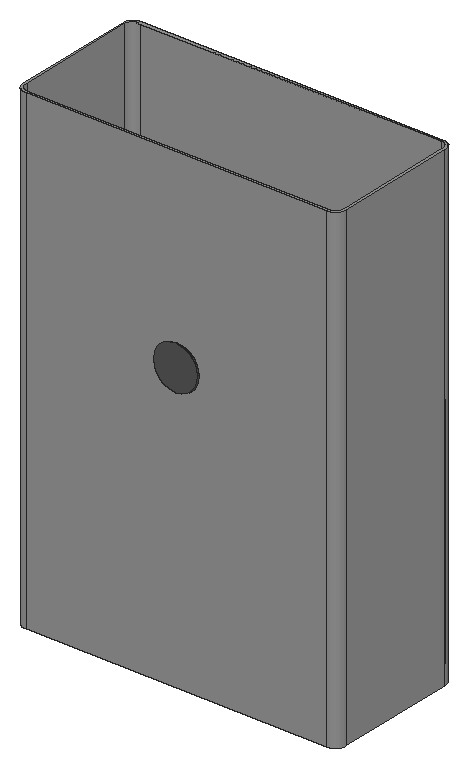
Revit family "STAINLESS STEEL WASTE RECEPTACLE WALL MOUNTED_IND", category Generic Models, Revit 2017
Family settings
  Can host rebar = No
  Round Connector Dimension = Use Diameter
  Part Type = Normal
  Work Plane-Based = Yes
  Always vertical = Yes
  Cut with Voids When Loaded = No
  Shared = No
  Room Calculation Point = No
Parameters
  Website = "https://dolphy.in/"  # constant formula
  Model = "DWBN0005"  # constant formula
  Default Elevation = 1219.2 mm
  Contact number = "+91 9520202035"  # constant formula
  Contact email = "info@dolphy.in"  # constant formula
  Company name = "Dolphy India"  # constant formula
Reference planes
  plane 1 "Center (Front/Back)": y = 0
  plane 2: z = 0
  plane 3 "Center (Left/Right)": x = 0
Forms (mm)
  Extrusion 1, solid, material "Stainless Steel Black"
    sketch origin (0, -130.127, 0) x (1, 0, 0) y (0, 1, 0)
      loop
        spline (-135, 130.127) -> (-136.597, 130.058) -> (-138.056, 129.849) -> (-139.375, 129.502) -> (-140.556, 129.016) -> (-141.597, 128.391) -> (-142.5, 127.627) -> (-143.264, 126.724) -> (-143.889, 125.683) -> (-144.375, 124.502) -> (-144.722, 123.183) -> (-144.931, 121.724) -> (-145, 120.127)
        line (-145, 120.127) -> (-145, 10.127)
        spline (-145, 10.127) -> (-144.931, 8.53) -> (-144.722, 7.071) -> (-144.375, 5.752) -> (-143.889, 4.571) -> (-143.264, 3.53) -> (-142.5, 2.627) -> (-141.597, 1.863) -> (-140.556, 1.238) -> (-139.375, 0.752) -> (-138.056, 0.405) -> (-136.597, 0.196) -> (-135, 0.127)
        line (-135, 0.127) -> (135, 0.127)
        spline (135, 0.127) -> (136.597, 0.196) -> (138.056, 0.405) -> (139.375, 0.752) -> (140.556, 1.238) -> (141.597, 1.863) -> (142.5, 2.627) -> (143.264, 3.53) -> (143.889, 4.571) -> (144.375, 5.752) -> (144.722, 7.071) -> (144.931, 8.53) -> (145, 10.127)
        line (145, 10.127) -> (145, 120.127)
        spline (145, 120.127) -> (144.931, 121.724) -> (144.722, 123.183) -> (144.375, 124.502) -> (143.889, 125.683) -> (143.264, 126.724) -> (142.5, 127.627) -> (141.597, 128.391) -> (140.556, 129.016) -> (139.375, 129.502) -> (138.056, 129.849) -> (136.597, 130.058) -> (135, 130.127)
        line (135, 130.127) -> (-135, 130.127)
    from 0 to 431.635
  Extrusion 2, void
    sketch origin (0, -130, 0) x (1, 0, 0) y (0, 1, 0)
      loop
        line (-143, 120) -> (-143, 10)
        spline (-143, 10) -> (-142.944, 8.722) -> (-142.778, 7.556) -> (-142.5, 6.5) -> (-142.111, 5.556) -> (-141.611, 4.722) -> (-141, 4) -> (-140.278, 3.389) -> (-139.444, 2.889) -> (-138.5, 2.5) -> (-137.444, 2.222) -> (-136.278, 2.056) -> (-135, 2)
        line (-135, 2) -> (135, 2)
        spline (135, 2) -> (136.278, 2.056) -> (137.444, 2.222) -> (138.5, 2.5) -> (139.444, 2.889) -> (140.278, 3.389) -> (141, 4) -> (141.611, 4.722) -> (142.111, 5.556) -> (142.5, 6.5) -> (142.778, 7.556) -> (142.944, 8.722) -> (143, 10)
        line (143, 10) -> (143, 120)
        spline (143, 120) -> (142.944, 121.278) -> (142.778, 122.444) -> (142.5, 123.5) -> (142.111, 124.444) -> (141.611, 125.278) -> (141, 126) -> (140.278, 126.611) -> (139.444, 127.111) -> (138.5, 127.5) -> (137.444, 127.778) -> (136.278, 127.944) -> (135, 128)
        line (135, 128) -> (-135, 128)
        spline (-135, 128) -> (-136.278, 127.944) -> (-137.444, 127.778) -> (-138.5, 127.5) -> (-139.444, 127.111) -> (-140.278, 126.611) -> (-141, 126) -> (-141.611, 125.278) -> (-142.111, 124.444) -> (-142.5, 123.5) -> (-142.778, 122.444) -> (-142.944, 121.278) -> (-143, 120)
    from 13.908 to 431.635
  Extrusion 3, solid, material "Stainless Steel Silver"
    sketch origin (0, -130, 0) x (1, 0, 0) y (0, 1, 0)
      loop
        line (-143, 120) -> (-143, 10)
        spline (-143, 10) -> (-142.944, 8.722) -> (-142.778, 7.556) -> (-142.5, 6.5) -> (-142.111, 5.556) -> (-141.611, 4.722) -> (-141, 4) -> (-140.278, 3.389) -> (-139.444, 2.889) -> (-138.5, 2.5) -> (-137.444, 2.222) -> (-136.278, 2.056) -> (-135, 2)
        line (-135, 2) -> (135, 2)
        spline (135, 2) -> (136.278, 2.056) -> (137.444, 2.222) -> (138.5, 2.5) -> (139.444, 2.889) -> (140.278, 3.389) -> (141, 4) -> (141.611, 4.722) -> (142.111, 5.556) -> (142.5, 6.5) -> (142.778, 7.556) -> (142.944, 8.722) -> (143, 10)
        line (143, 10) -> (143, 120)
        spline (143, 120) -> (142.944, 121.246) -> (142.778, 122.386) -> (142.5, 123.421) -> (142.111, 124.351) -> (141.611, 125.176) -> (141, 125.895) -> (140.278, 126.509) -> (139.444, 127.018) -> (138.5, 127.421) -> (137.444, 127.719) -> (136.278, 127.912) -> (135, 128)
        line (135, 128) -> (-135, 128)
        spline (-135, 128) -> (-136.278, 127.944) -> (-137.444, 127.778) -> (-138.5, 127.5) -> (-139.444, 127.111) -> (-140.278, 126.611) -> (-141, 126) -> (-141.611, 125.278) -> (-142.111, 124.444) -> (-142.5, 123.5) -> (-142.778, 122.444) -> (-142.944, 121.278) -> (-143, 120)
      loop
        line (133, 126) -> (-133, 126)
        spline (-133, 126) -> (-134.278, 125.944) -> (-135.444, 125.778) -> (-136.5, 125.5) -> (-137.444, 125.111) -> (-138.278, 124.611) -> (-139, 124) -> (-139.611, 123.278) -> (-140.111, 122.444) -> (-140.5, 121.5) -> (-140.778, 120.444) -> (-140.944, 119.278) -> (-141, 118)
        line (-141, 118) -> (-141, 12)
        spline (-141, 12) -> (-140.944, 10.722) -> (-140.778, 9.556) -> (-140.5, 8.5) -> (-140.111, 7.556) -> (-139.611, 6.722) -> (-139, 6) -> (-138.278, 5.389) -> (-137.444, 4.889) -> (-136.5, 4.5) -> (-135.444, 4.222) -> (-134.278, 4.056) -> (-133, 4)
        line (-133, 4) -> (133, 4)
        spline (133, 4) -> (134.278, 4.056) -> (135.444, 4.222) -> (136.5, 4.5) -> (137.444, 4.889) -> (138.278, 5.389) -> (139, 6) -> (139.611, 6.722) -> (140.111, 7.556) -> (140.5, 8.5) -> (140.778, 9.556) -> (140.944, 10.722) -> (141, 12)
        line (141, 12) -> (141, 118)
        spline (141, 118) -> (140.944, 119.278) -> (140.778, 120.444) -> (140.5, 121.5) -> (140.111, 122.444) -> (139.611, 123.278) -> (139, 124) -> (138.278, 124.611) -> (137.444, 125.111) -> (136.5, 125.5) -> (135.444, 125.778) -> (134.278, 125.944) -> (133, 126)
    from 13.908 to 241.457
  Extrusion 4, solid, material "black"
    sketch origin (0, -130, 0) x (1, 0, 0) y (0, 0, 1)
      loop
        spline (0, 278.223) -> (-2.946, 277.868) -> (-5.659, 277.275) -> (-8.14, 276.443) -> (-10.388, 275.373) -> (-12.404, 274.064) -> (-14.187, 272.517) -> (-15.737, 270.731) -> (-17.055, 268.706) -> (-18.14, 266.443) -> (-18.993, 263.942) -> (-19.613, 261.202) -> (-20, 258.223)
        spline (-20, 258.223) -> (-19.612, 255.235) -> (-18.991, 252.487) -> (-18.138, 249.979) -> (-17.053, 247.711) -> (-15.735, 245.684) -> (-14.184, 243.897) -> (-12.401, 242.351) -> (-10.386, 241.044) -> (-8.138, 239.979) -> (-5.658, 239.153) -> (-2.945, 238.568) -> (0, 238.223)
        spline (0, 238.223) -> (2.999, 238.619) -> (5.755, 239.247) -> (8.27, 240.105) -> (10.542, 241.194) -> (12.572, 242.514) -> (14.36, 244.065) -> (15.905, 245.848) -> (17.209, 247.861) -> (18.27, 250.105) -> (19.089, 252.58) -> (19.665, 255.286) -> (20, 258.223)
        spline (20, 258.223) -> (19.615, 261.178) -> (18.996, 263.899) -> (18.145, 266.385) -> (17.061, 268.638) -> (15.744, 270.656) -> (14.194, 272.44) -> (12.411, 273.989) -> (10.394, 275.304) -> (8.145, 276.385) -> (5.663, 277.232) -> (2.948, 277.845) -> (0, 278.223)
    from -0.465 to 0.752
Cuts and joins
  Extrusion 2 cuts Extrusion 1
Lines and regions (mm)
  model lines
    curve 1: line (-135, -120, 0) -> (-135, -10, 0)
    curve 2: line (-135, -10, 0) -> (135, -10, 0)
    curve 3: line (135, -120, 0) -> (-135, -120, 0)
    curve 4: line (135, -10, 0) -> (135, -120, 0)
Dimensions and locks
  aligned and locked: level to plane 2
